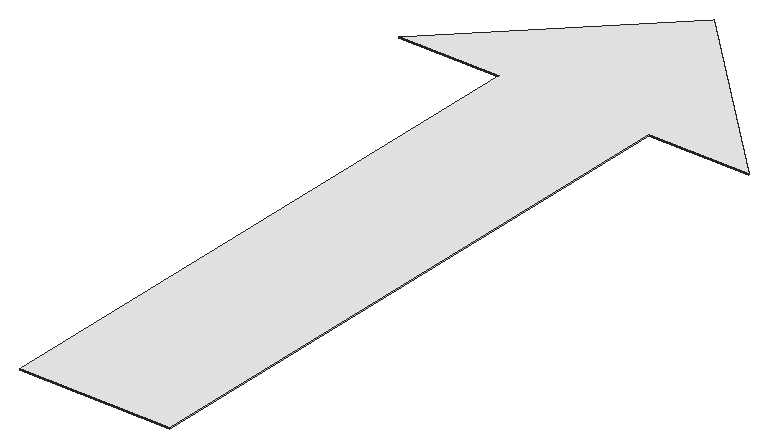
Revit family "887d4a3f1b494e42b685207d70a7a9a2", category Site, Revit 2021
Family settings
  Round Connector Dimension = Use Diameter
  Part Type = Normal
  Seek Item ID = Direction Arrows - Straight-0000-USA-ENU
  Work Plane-Based = No
  Always vertical = No
  Cut with Voids When Loaded = No
  Shared = No
Reference planes (in)
  plane 1 "Center (Front/Back)": y = 0
  plane 2: z = 0
  plane 3 "Center (Left/Right)": x = 0
Forms (in)
  Extrusion 1, solid, material "Paint - White"
    sketch origin (0, 0, 0) x (1, 0, 0) y (0, 1, 0)
      loop
        line (-14, 48) -> (-6, 48) -> (-6, 0) -> (6, 0) -> (6, 48) -> (14, 48) -> (0, 62) -> (-14, 48)
    from 0 to 0.0625
